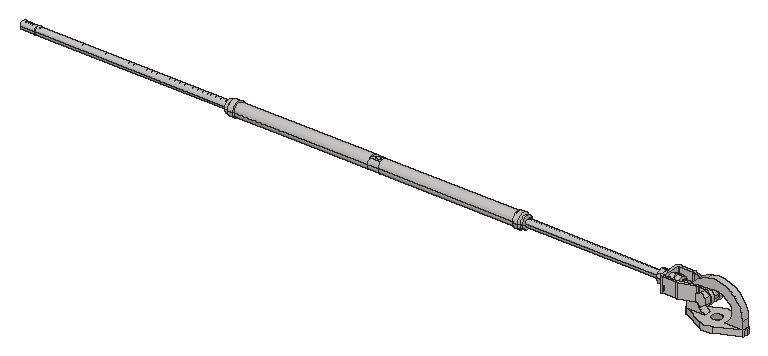
Revit family "LWplc_Latchways_FallArrstSymGddAnchrLine_MultiSpanSystem", category Specialty Equipment, host Face, Revit 2013
Parameters (values of type "FallArrestSystemGuidedAnchorLine_MultiSpanSystem_StartSet_Latchways")
  WarrantyStartDate [instance] = "1900-12-31T23:59:59"
  WarrantyGuarantorParts = "n/a"
  WarrantyGuarantorLabor = "n/a"
  WarrantyDurationUnit = "year"
  WarrantyDurationParts = "n/a"
  WarrantyDurationLabor = "n/a"
  WarrantyDescription = "n/a"
  Version = "1"  # constant formula
  Uniclass2 = "Ss_80_30_25_35"
  URL = "www.latchways.com"
  Type1IntermediateMaterial = LWplc_Latchways_StainlessSteel_MarineGrade316
  Type1Intermediate = no
  Type Comments = "n/a"
  ThreadedSwageMaterial = LWplc_Latchways_StainlessSteel_MarineGrade316
  ThreadedSwage = yes
  TagNumber [instance] = "n/a"
  SwageSlipIndicatorMaterial = LWplc_Latchways_StainlessSteel_MarineGrade316
  SustainabilityPerformance = "n/a"
  StartSetSwageSlipIndicator = yes
  Size = "n/a"
  SingleSpanTrolleyMaterial = LWplc_Latchways_StainlessSteel_MarineGrade316
  RodMaterial = LWplc_Latchways_StainlessSteel_MarineGrade316
  OverheadDeviceType1Material = LWplc_Latchways_StainlessSteel_MarineGrade316
  OverheadDeviceType1 = no
  Shape = "n/a"
  ServiceLifeDuration = "n/a"
  SerialNumber [instance] = "n/a"
  Revision = "n/a"
  ReplacementCost = "n/a"
  Reference = "n/a"
  ProductInformation = "www.latchways.com/BIM/Latchways_OverheadSystem_SingleSpan_Multispan_StartSet.pdf"
  NominalWidth = 0 mm
  NominalLength = 0 mm
  NominalHeight = 0 mm
  Name = "FallArrestSystemGuidedAnchorLine_MultiSpanSystem_StartSet_Latchways"
  NBSReference = "80-50-25/110"
  NBSNote = "n/a"
  NBSDescription = "Fall arrest system - guided anchor line"
  ModelReference = "Overhead system Multispan"
  ModelNumber = "n/a"
  Model = "n/a"
  Material = "All critical components are manufactured from stainless steel grade 316"
  ManufacturerURL = "www.latchways.com"
  ManufacturerName = "Latchways plc"
  Manufacturer = "info@latchways.com"
  LongRunLineTenserMaterial = LWplc_Latchways_StainlessSteel_MarineGrade316
  LongRunLineTenser = yes
  Keynote = ""
  InstallationDate [instance] = "1900-12-31T23:59:59"
  IfcExportType = "IfcTransportElement"  # constant formula
  IfcExportAs = "NOTDEFINED"  # constant formula
  HeavyDutyDRingMaterial = LWplc_Latchways_StainlessSteel_MarineGrade316
  HeavyDutyDRing = yes
  Grade = "n/a"
  FireExit = no
  Finish = "n/a"
  Features = "n/a"
  ExtendedTurnbuckleBodyMaterial = LWplc_Latchways_StainlessSteel_MarineGrade316
  ExtendedTurnbuckleBody = yes
  ExpectedLife = "n/a"
  EnergyAbsorberMaterial = LWplc_Latchways_PVCu_Vinakon_Black
  EnergyAbsorber = no
  EndSetSwageSlipIndicator = no
  DurationUnit = "year"
  Description = "Latchways’ overhead systems combine revolutionary Constant\nForce® technology with an innovative mobile anchorage device. With the capacity for multiple workers to be attached, the system offers unhindered mobilty and continuous, hands-free security whilst\nworking at height. System compliant with latest EN 795 standard"
  Default Elevation = 1219.2 mm
  Constituents = "n/a"
  Color = "n/a"
  CodePerformance = "n/a"
  Category = "n/a"
  BoltMaterial = LWplc_Latchways_StainlessSteel_MarineGrade316
  BarCode [instance] = "n/a"
  BIMObjectName = "LWplc_Latchways_FallArrestSystemGuidedAnchorLine_MultiSpanSystem_StartSet"
  Author = "Latchways plc"  # constant formula
  AssetType = "Fixed"
  AssetIdentifier [instance] = "n/a"
  AccessibilityPerformance = "n/a"
Types (4, lengths in mm): name | Type1Intermediate | ThreadedSwage | StartSetSwageSlipIndicator | OverheadDeviceType1 | ProductInformation | Name | LongRunLineTenser | HeavyDutyDRing | ExtendedTurnbuckleBody | EnergyAbsorber | EndSetSwageSlipIndicator | Description | BIMObjectName
  FallArrestSystemGuidedAnchorLine_MultiSpanSystem_EndSet_Latchways | no | no | no | no | "www.latchways.com/BIM/Latchways_OverheadSystem_SingleSpan_Multispan_EndSet.pdf" | "FallArrestSystemGuidedAnchorLine_MultiSpanSystem_EndSet_Latchways" | no | yes | no | yes | yes | "Latchways’ overhead systems combine revolutionary Constant\r\nForce® technology with an innovative mobile anchorage device. With the capacity for multiple workers to be attached, the system offers unhindered mobilty and continuous, hands-free security whilst\r\nworking at height. System compliant with latest EN 795 standard" | "LWplc_Latchways_FallArrestSystemGuidedAnchorLine_MultiSpanSystem_EndSet\r\nLWplc_Latchways_FallArrestSystemGuidedAnchorLine_MultiSpanSystem_EndSet"
  FallArrestSystemGuidedAnchorLine_MultiSpanSystem_MultiSpanTrolley_Latchways | no | no | no | yes | "www.latchways.com/BIM/Latchways_OverheadSystem_Multispan_Trolley.pdf" | "FallArrestSystemGuidedAnchorLine_MultiSpanSystem_MultiSpanTrolley_Latchways" | no | no | no | no | no | "Latchways’ overhead systems combine revolutionary Constant\r\nForce® technology with an innovative mobile anchorage device. With the capacity for multiple workers to be attached, the system offers unhindered mobilty and continuous, hands-free security whilst\r\nworking at height. System compliant with latest EN 795 standard" | "LWplc_Latchways_FallArrestSystemGuidedAnchorLine_MultiSpanSystem_MultiSpanTrolley"
  FallArrestSystemGuidedAnchorLine_MultiSpanSystem_StartSet_Latchways | no | yes | yes | no | "www.latchways.com/BIM/Latchways_OverheadSystem_SingleSpan_Multispan_StartSet.pdf" | "FallArrestSystemGuidedAnchorLine_MultiSpanSystem_StartSet_Latchways" | yes | yes | yes | no | no | "Latchways’ overhead systems combine revolutionary Constant\nForce® technology with an innovative mobile anchorage device. With the capacity for multiple workers to be attached, the system offers unhindered mobilty and continuous, hands-free security whilst\nworking at height. System compliant with latest EN 795 standard" | "LWplc_Latchways_FallArrestSystemGuidedAnchorLine_MultiSpanSystem_StartSet"
  FallArrestSystemGuidedAnchorLine_MultiSpanSystem_IntermediateSet_Latchways | yes | no | no | no | "www.latchways.com/BIM/Latchways_OverheadSystem_Multispan_IntermediateSet.pdf" | "FallArrestSystemGuidedAnchorLine_MultiSpanSystem_IntermediateSet_Latchways" | no | no | no | no | no | "Latchways’ overhead systems combine revolutionary Constant\r\nForce® technology with an innovative mobile anchorage device. With the capacity for multiple workers to be attached, the system offers unhindered mobilty and continuous, hands-free security whilst\r\nworking at height. System compliant with latest EN 795 standard" | "LWplc_Latchways_FallArrestSystemGuidedAnchorLine_MultiSpanSystem_IntermediateSet"
Reference planes
  plane 1 "Center (Front/Back)": y = 0
  plane 2: z = 0
  plane 3 "Center (Left/Right)": x = 0
Dimensions and locks
  aligned and locked: plane 2 to host face
  aligned and locked: level to host face
  aligned and locked: nested 1 to plane 2
Nested families
  nested 1: "LWplc_Latchways_FallArrstSymGddAnchrLine_HeavyDutyD-Ring" at (0, 0.469, 0) x (0, 1, 0) z (0, 0, 1), visible <- "HeavyDutyDRing", type "HeavyDutyD-Ring_Latchways"
  nested 2: "LWplc_Latchways_FallArrstSymGddAnchrLine_EnergyAbsorber" at (189.375, 0, 10.313) x (-1, 0, 0) z (0, 0, 1), visible <- "EnergyAbsorber", type "EnergyAbsorber_Latchways"
  nested 3: "LWplc_Latchways_FallArrstSymGddAnchrLine_SwageSlipIndicator" at (432.72, 0, 41.967) x (0, 0, 1) z (1, 0, 0), visible <- "EndSetSwageSlipIndicator", type "SwageSlipIndicator_Latchways"
  nested 4: "LWplc_Latchways_FallArrstSymGddAnchrLine_LongRunLineTenser" at (-51.406, -0.156, 10.313) x (-1, 0, 0) z (0, 0, 1), visible <- "LongRunLineTenser", type "LongRunLineTenser_Latchways"
  nested 5: "LWplc_Latchways_FallArrstSymGddAnchrLine_TurnBuckleBody" at (-332.707, -0.156, 42.219) x (0, 0, 1) z (-1, 0, 0), visible <- "ExtendedTurnbuckleBody", type "TurnBuckleBody_Latchways"
  nested 6: "LWplc_Latchways_FallArrstSymGddAnchrLine_ThreadedSwage" at (-854.707, -0.156, 42.118) x (0, 0, 1) z (-1, 0, 0), visible <- "ThreadedSwage", type "FallArrestSystemGuidedAnchorLine_ThreadedSwage_Latchways"
  nested 7: "LWplc_Latchways_FallArrstSymGddAnchrLine_SwageSlipIndicator" at (-1191.707, -0.156, 42.391) x (0, 0, -1) z (-1, 0, 0), visible <- "StartSetSwageSlipIndicator", type "SwageSlipIndicator_Latchways"
  nested 8: "LWplc_Latchways_FallArrstSymGddAnchrLine_MultiSpanSystem_Type1Intermediate" at (0, 0, 0) x (-1, 0, 0) z (0, 0, 1), visible <- "Type1Intermediate", type "Type1Intermediate_Latchways"
  nested 9: "LWplc_Latchways_FallArrstSymGddAnchrLine_MultiSpanSystem_OverheadDeviceType1" at (0, 0, 0.008), visible <- "OverheadDeviceType1", type "OverheadDeviceType1_Latchways"
Definition of nested family "LWplc_Latchways_FallArrstSymGddAnchrLine_HeavyDutyD-Ring"
  Parameters (values of type "HeavyDutyD-Ring_Latchways")
    D-RingMaterial = LWplc_Latchways_StainlessSteel_MarineGrade316
    D-RingVisible [instance] = yes
  Reference planes
    plane 1 "Center (Front/Back)": y = 0
    plane 2: z = 0
    plane 3 "Center (Left/Right)": x = 0
    plane 4: z = 10
    plane 5: y = 50.785
    plane 6: y = -51.526
  Forms (mm)
    Extrusion 1, solid, material "LWplc_Latchways_StainlessSteel_MarineGrade316" <- "D-RingMaterial", visible <- "D-RingVisible", detail levels medium+fine
      sketch origin (0, 0, 0) x (1, 0, 0) y (0, 1, 0)
        loop
          line (-24.815, -12.3) -> (-6.291, -49.853)
          arc (-6.291, -49.853) -> (-5.185, -51.074) -> (-3.601, -51.526) r 3
          line (-3.601, -51.526) -> (2.399, -51.526)
          arc (2.399, -51.526) -> (3.983, -51.074) -> (5.09, -49.853) r 3
          line (5.09, -49.853) -> (23.614, -12.3)
          arc (23.614, -12.3) -> (26.399, -0.352) -> (23.61, 11.596) r 27
          line (23.61, 11.596) -> (5.089, 49.113)
          arc (5.089, 49.113) -> (3.983, 50.333) -> (2.399, 50.785) r 3
          line (2.399, 50.785) -> (-3.601, 50.785)
          arc (-3.601, 50.785) -> (-5.184, 50.333) -> (-6.291, 49.113) r 3
          line (-6.291, 49.113) -> (-24.811, 11.596)
          arc (-24.811, 11.596) -> (-27.601, -0.352) -> (-24.815, -12.3) r 27
      from 0 to 10
    Extrusion 2, solid, material "LWplc_Latchways_StainlessSteel_MarineGrade316" <- "D-RingMaterial", visible <- "D-RingVisible"
      sketch origin (0, 535.467, 227.54) x (0, 1, 0) y (0, 0, 1)
        loop
          arc (-561.11, -182.619) -> (-535.818, -171.857) -> (-510.526, -182.619) r 35.1
          arc (-510.526, -182.619) -> (-507.087, -186.884) -> (-505.408, -192.099) r 15
          arc (-505.408, -192.099) -> (-507.841, -206.708) -> (-517.941, -217.54) r 25.661
          line (-517.941, -217.54) -> (-486.699, -217.54) -> (-486.699, -205.173)
          arc (-486.699, -205.173) -> (-497.091, -174.829) -> (-523.902, -157.227) r 49.497
          arc (-523.902, -157.227) -> (-566.124, -166.332) -> (-585.021, -205.173) r 49.366
          line (-585.021, -205.173) -> (-585.021, -217.54) -> (-553.695, -217.54)
          arc (-553.695, -217.54) -> (-563.795, -206.708) -> (-566.228, -192.099) r 25.661
          arc (-566.228, -192.099) -> (-564.55, -186.884) -> (-561.11, -182.619) r 15
      from -6.598 to 5.392
    Blend 3, void, detail levels medium+fine
      base sketch origin (0, 0, 0) x (1, 0, 0) y (0, 1, 0)
        loop
          circle (-0.625, -0.312) r 13.605
      top sketch origin (0, 0, 0) x (1, 0, 0) y (0, 1, 0)
        loop
          circle (-0.625, -0.312) r 8.974
      from 0 to 10
    Extrusion 4, solid, material "LWplc_Latchways_StainlessSteel_MarineGrade316" <- "D-RingMaterial", visible <- "D-RingVisible", detail levels coarse
      sketch origin (0, 0, 0) x (1, 0, 0) y (0, 1, 0)
        loop
          line (4.265, -51.526) -> (23.614, -12.3) -> (23.614, 11.588) -> (4.264, 50.785) -> (-5.465, 50.785) -> (-25, 11.213) -> (-25, -11.925) -> (-5.466, -51.526) -> (4.265, -51.526)
      from 0 to 10
  Cuts and joins
    Blend 3 cuts Extrusion 1
    Blend 3 cuts Extrusion 2
  Dimensions and locks
    aligned and locked: level to plane 2
    aligned and locked: plane 5 to Extrusion 1
    aligned and locked: plane 6 to Extrusion 1
    aligned and locked: Extrusion 2 to plane 4  (x2)
Definition of nested family "LWplc_Latchways_FallArrstSymGddAnchrLine_EnergyAbsorber"
  Parameters (values of type "EnergyAbsorber_Latchways")
    RodMaterial = LWplc_Latchways_StainlessSteel_MarineGrade316
    EnergyAbsorberVisible [instance] = yes
    EnergyAbsorberMaterial = LWplc_Latchways_PVCu_Vinakon_Black
    BoltMaterial = LWplc_Latchways_StainlessSteel_MarineGrade316
  Reference planes
    plane 1 "Center (Front/Back)": y = 0
    plane 2: z = 0
    plane 3 "Center (Left/Right)": x = 0
  Forms (mm)
    Extrusion 1, solid, material "LWplc_Latchways_PVCu_Vinakon_Black" <- "EnergyAbsorberMaterial", visible <- "EnergyAbsorberVisible", detail levels medium+fine
      sketch origin (0, 27.839, 0) x (1, 0, 0) y (0, 0, 1)
        loop
          line (-141.559, 32.09) -> (-140.796, 10.258)
          arc (-140.796, 10.258) -> (-136.948, 2.9) -> (-128.802, 1.29) r 9.607
          line (-128.802, 1.29) -> (-128.802, 5.402) -> (-108.802, 5.402) -> (-108.802, 0.591) -> (43.394, 0.591) -> (43.394, 5.746) -> (45.975, 5.729) -> (46.19, -0.41) -> (99.851, 1.464)
          arc (99.851, 1.464) -> (100.951, 1.919) -> (101.407, 3.019) r 1.555
          line (101.407, 3.019) -> (101.352, 4.583)
          arc (101.352, 4.583) -> (101.635, 5.267) -> (102.319, 5.55) r 0.967
          line (102.319, 5.55) -> (125.316, 6.353)
          arc (125.316, 6.353) -> (126.782, 6.96) -> (127.389, 8.427) r 2.074
          line (127.389, 8.427) -> (127.335, 9.99)
          arc (127.335, 9.99) -> (127.618, 10.674) -> (128.301, 10.957) r 0.967
          line (128.301, 10.957) -> (140.827, 11.395)
          arc (140.827, 11.395) -> (142.082, 11.895) -> (142.732, 13.08) r 2
          arc (142.732, 13.08) -> (143.858, 22.555) -> (144.234, 32.09) r 121.069
          arc (144.234, 32.09) -> (143.858, 41.624) -> (142.732, 51.099) r 121.069
          arc (142.732, 51.099) -> (142.082, 52.284) -> (140.827, 52.784) r 2
          line (140.827, 52.784) -> (128.301, 53.222)
          arc (128.301, 53.222) -> (127.618, 53.505) -> (127.335, 54.189) r 0.967
          line (127.335, 54.189) -> (127.389, 55.752)
          arc (127.389, 55.752) -> (126.782, 57.219) -> (125.316, 57.826) r 2.074
          line (125.316, 57.826) -> (102.319, 58.629)
          arc (102.319, 58.629) -> (101.635, 58.912) -> (101.352, 59.596) r 0.967
          line (101.352, 59.596) -> (101.407, 61.16)
          arc (101.407, 61.16) -> (100.951, 62.26) -> (99.851, 62.715) r 1.555
          line (99.851, 62.715) -> (46.19, 64.589) -> (45.975, 58.45) -> (43.394, 58.433) -> (43.394, 63.589) -> (-108.802, 63.589) -> (-108.802, 58.777) -> (-128.802, 58.777) -> (-128.802, 62.889)
          arc (-128.802, 62.889) -> (-136.948, 61.279) -> (-140.796, 53.921) r 9.607
          line (-140.796, 53.921) -> (-141.559, 32.09)
      from -6.643 to 62.32
    Extrusion 2, solid, material "LWplc_Latchways_PVCu_Vinakon_Black" <- "EnergyAbsorberMaterial", visible <- "EnergyAbsorberVisible"
      sketch origin (0, 27.839, 0) x (1, 0, 0) y (0, 1, 0)
        loop
          line (-78.744, 6.643) -> (38.592, 6.643)
          arc (38.592, 6.643) -> (-20.076, 40.314) -> (-78.744, 6.643) r 67.946
        loop
          line (38.349, -62.32) -> (-78.501, -62.32)
          arc (-78.501, -62.32) -> (-20.076, -95.579) -> (38.349, -62.32) r 67.946
      from 1.29 to 62.715
    Extrusion 3, solid, material "LWplc_Latchways_PVCu_Vinakon_Black" <- "EnergyAbsorberMaterial", visible <- "EnergyAbsorberVisible", detail levels coarse
      sketch origin (0, 27.839, 0) x (1, 0, 0) y (0, 0, 1)
        loop
          line (-140.796, 53.921) -> (-141.559, 32.09) -> (-140.796, 10.258)
          arc (-140.796, 10.258) -> (-136.948, 2.9) -> (-128.802, 1.29) r 9.607
          line (-128.802, 1.29) -> (-128.802, 5.402) -> (-108.802, 5.402) -> (-108.802, 0.591) -> (101.352, 0.591) -> (101.352, 5.516) -> (127.389, 6.425) -> (127.389, 11.452) -> (142.462, 11.452)
          arc (142.462, 11.452) -> (143.79, 21.733) -> (144.234, 32.09) r 121.069
          arc (144.234, 32.09) -> (143.79, 42.446) -> (142.462, 52.727) r 121.069
          line (142.462, 52.727) -> (127.389, 52.727) -> (127.389, 57.754) -> (101.352, 58.663) -> (101.352, 63.589) -> (-108.802, 63.589) -> (-108.802, 58.777) -> (-128.802, 58.777) -> (-128.802, 62.889)
          arc (-128.802, 62.889) -> (-136.948, 61.279) -> (-140.796, 53.921) r 9.607
      from -6.643 to 62.32
    Extrusion 4, solid, material "LWplc_Latchways_StainlessSteel_MarineGrade316" <- "BoltMaterial", visible <- "EnergyAbsorberVisible"
      sketch origin (-1.875, 27.839, 0) x (1, 0, 0) y (0, 0, 1)
        loop
          line (145.113, 16.591) -> (176.117, 16.591)
          arc (176.117, 16.591) -> (191.117, 31.591) -> (176.117, 46.591) r 15
          line (176.117, 46.591) -> (145.238, 46.591)
          arc (145.238, 46.591) -> (145.891, 39.355) -> (146.109, 32.091) r 121.069
          arc (146.109, 32.091) -> (145.86, 24.324) -> (145.113, 16.591) r 121.069
      from 16.254 to 21.254
    Extrusion 5, solid, material "LWplc_Latchways_StainlessSteel_MarineGrade316" <- "BoltMaterial", visible <- "EnergyAbsorberVisible"
      sketch origin (-1.875, 9.906, 0) x (1, 0, 0) y (0, 0, 1)
        loop
          line (145.113, 16.591) -> (176.117, 16.591)
          arc (176.117, 16.591) -> (191.117, 31.591) -> (176.117, 46.591) r 15
          line (176.117, 46.591) -> (145.237, 46.591)
          arc (145.237, 46.591) -> (145.891, 39.354) -> (146.109, 32.09) r 121.069
          arc (146.109, 32.09) -> (145.86, 24.324) -> (145.113, 16.591) r 121.069
      from 16.254 to 21.254
    Extrusion 6, solid, material "LWplc_Latchways_StainlessSteel_MarineGrade316" <- "BoltMaterial", visible <- "EnergyAbsorberVisible", detail levels medium+fine
      sketch origin (0, 0, 0) x (1, 0, 0) y (0, 0, 1)
        loop
          circle (172.655, 31.654) r 5.9
      from -6.585 to 6.348
    Extrusion 7, solid, material "LWplc_Latchways_StainlessSteel_MarineGrade316" <- "BoltMaterial", visible <- "EnergyAbsorberVisible", detail levels medium+fine
      sketch origin (0, 0, 0) x (1, 0, 0) y (0, 0, 1)
        loop
          line (161.884, 31.704) -> (167.313, 22.301) -> (177.997, 22.301) -> (183.426, 31.704) -> (177.997, 41.007) -> (167.313, 41.007) -> (161.884, 31.704)
      from 11.348 to 18.933
    Extrusion 8, solid, material "LWplc_Latchways_StainlessSteel_MarineGrade316" <- "BoltMaterial", visible <- "EnergyAbsorberVisible", detail levels medium+fine
      sketch origin (0, 30.518, 0) x (1, 0, 0) y (0, 0, 1)
        loop
          line (161.884, 31.704) -> (167.313, 22.301) -> (177.997, 22.301) -> (183.426, 31.704) -> (177.997, 41.007) -> (167.313, 41.007) -> (161.884, 31.704)
      from 11.348 to 18.933
    Extrusion 9, solid, material "LWplc_Latchways_StainlessSteel_MarineGrade316" <- "BoltMaterial", visible <- "EnergyAbsorberVisible", detail levels medium+fine
      sketch origin (-130.211, 172.659, 0) x (0, -1, 0) y (0, 0, 1)
        loop
          line (161.884, 31.704) -> (167.313, 22.301) -> (177.997, 22.301) -> (183.426, 31.704) -> (177.997, 41.007) -> (167.313, 41.007) -> (161.884, 31.704)
      from 11.348 to 22.691
    Revolve 10, solid, material "LWplc_Latchways_StainlessSteel_MarineGrade316" <- "RodMaterial", visible <- "EnergyAbsorberVisible"
      sketch origin (0, 0, 0) x (1, 0, 0) y (0, 0, 1)
        loop
          line (-243.345, 31.654) -> (-141.559, 31.654) -> (-141.559, 37.954) -> (-239.845, 37.954) -> (-243.345, 37.016) -> (-243.345, 31.654)
        axis (-141.559, 31.654) -> (-243.345, 31.654)
      angle from 0 to 360
  Dimensions and locks
    aligned and locked: level to plane 2
    aligned and locked: Extrusion 1 to Extrusion 3  (x2)
    aligned and locked: Extrusion 2 to Extrusion 1  (x2)
Definition of nested family "LWplc_Latchways_FallArrstSymGddAnchrLine_SwageSlipIndicator"
  Parameters (values of type "SwageSlipIndicator_Latchways")
    SwageSlipVisible [instance] = yes
    SwageSlipMaterial = LWplc_Latchways_StainlessSteel_MarineGrade316
    SwageSlipLength = 25 mm
    Default Elevation = 1219.2 mm
  Reference planes
    plane 1 "Center (Front/Back)": y = 0
    plane 2: z = 0
    plane 3 "Center (Left/Right)": x = 0
    plane 4: z = 25
    plane 5: z = 21.622
    plane 6: z = 3.378
    plane 7: z = 12.5
  Forms (mm)
    Extrusion 1, solid, material "LWplc_Latchways_StainlessSteel_MarineGrade316" <- "SwageSlipMaterial", visible <- "SwageSlipVisible"
      sketch origin (0, 0, 12.5) x (0, 1, 0) y (-1, 0, 0)
        loop
          circle (0, 0) r 6.35
      from -12.5 to 12.5
    Extrusion 2, void
      sketch origin (0, 0, 12.5) x (0, 1, 0) y (-1, 0, 0)
        loop
          circle (0, 0) r 4.75
      from -9.122 to 9.122
    Blend 3, void
      base sketch origin (0, 0, 12.5) x (0, 1, 0) y (-1, 0, 0)
        loop
          circle (0, 0) r 5.55
      top sketch origin (0, 0, 12.5) x (0, 1, 0) y (-1, 0, 0)
        loop
          circle (0, 0) r 4.75
      from -12.5 to -9.122
    Blend 4, void
      base sketch origin (0, 0, 0) x (1, 0, 0) y (0, 1, 0)
        loop
          circle (0, 0) r 4.75
      top sketch origin (0, 0, 0) x (1, 0, 0) y (0, 1, 0)
        loop
          circle (0, 0) r 5.55
      from 21.622 to 25
  Cuts and joins
    Extrusion 2, Blend 3, Blend 4 cuts Extrusion 1
  Dimensions and locks
    aligned and locked: level to plane 2
    aligned and locked: Blend 4 to plane 5
    aligned and locked: plane 4 to Blend 4
Definition of nested family "LWplc_Latchways_FallArrstSymGddAnchrLine_LongRunLineTenser"
  Parameters (values of type "LongRunLineTenser_Latchways")
    LongRunLineTenserVisible [instance] = yes
    LongRunLineTenserMaterial = LWplc_Latchways_StainlessSteel_MarineGrade316
  Reference planes
    plane 1 "Center (Front/Back)": y = 0
    plane 2: z = 0
    plane 3 "Center (Left/Right)": x = 0
  Forms (mm)
    Extrusion 1, solid, material "LWplc_Latchways_StainlessSteel_MarineGrade316" <- "LongRunLineTenserMaterial", visible <- "LongRunLineTenserVisible"
      sketch origin (0, 0, 19.1) x (1, 0, 0) y (0, 1, 0)
        loop
          arc (-28.06, 6.144) -> (-25.728, 6.327) -> (-23.453, 6.869) r 15
          line (-23.453, 6.869) -> (2.645, 15.292)
          arc (2.645, 15.292) -> (4.327, 15.743) -> (6.062, 15.894) r 10
          line (6.062, 15.894) -> (27.801, 15.894)
          arc (27.801, 15.894) -> (28.861, 15.455) -> (29.301, 14.394) r 1.5
          line (29.301, 14.394) -> (29.301, -14.606)
          arc (29.301, -14.606) -> (28.861, -15.666) -> (27.801, -16.106) r 1.5
          line (27.801, -16.106) -> (6.062, -16.106)
          arc (6.062, -16.106) -> (4.327, -15.954) -> (2.645, -15.504) r 10
          line (2.645, -15.504) -> (-23.453, -7.081)
          arc (-23.453, -7.081) -> (-25.728, -6.538) -> (-28.06, -6.356) r 15
          line (-28.06, -6.356) -> (-28.06, -11.356)
          arc (-28.06, -11.356) -> (-26.919, -11.361) -> (-25.784, -11.475) r 12.009
          arc (-25.784, -11.475) -> (-24.963, -11.638) -> (-24.16, -11.869) r 10
          line (-24.16, -11.869) -> (1.93, -20.565)
          arc (1.93, -20.565) -> (3.442, -20.97) -> (5.001, -21.106) r 9
          line (5.001, -21.106) -> (27.801, -21.106)
          arc (27.801, -21.106) -> (32.397, -19.202) -> (34.301, -14.606) r 6.5
          line (34.301, -14.606) -> (34.301, 14.394)
          arc (34.301, 14.394) -> (32.397, 18.991) -> (27.801, 20.894) r 6.5
          line (27.801, 20.894) -> (5.001, 20.894)
          arc (5.001, 20.894) -> (3.442, 20.758) -> (1.93, 20.354) r 9
          line (1.93, 20.354) -> (-24.16, 11.658)
          arc (-24.16, 11.658) -> (-25.483, 11.315) -> (-26.84, 11.156) r 10
          arc (-26.84, 11.156) -> (-27.45, 11.144) -> (-28.06, 11.156) r 15.3
          line (-28.06, 11.156) -> (-28.06, 6.144)
      from 0 to 25
    Extrusion 2, solid, material "LWplc_Latchways_StainlessSteel_MarineGrade316" <- "LongRunLineTenserMaterial", visible <- "LongRunLineTenserVisible"
      sketch origin (0, 0, 19.1) x (1, 0, 0) y (0, 0, 1)
        loop
          line (-28.06, 25) -> (-38.999, 25)
          arc (-38.999, 25) -> (-51.499, 12.5) -> (-38.999, 0) r 12.5
          line (-38.999, 0) -> (-28.06, 0) -> (-28.06, 25)
      from 6.356 to 11.406
    Extrusion 3, solid, material "LWplc_Latchways_StainlessSteel_MarineGrade316" <- "LongRunLineTenserMaterial", visible <- "LongRunLineTenserVisible"
      sketch origin (0, 17.512, 19.1) x (1, 0, 0) y (0, 0, 1)
        loop
          line (-28.06, 25) -> (-38.999, 25)
          arc (-38.999, 25) -> (-51.499, 12.5) -> (-38.999, 0) r 12.5
          line (-38.999, 0) -> (-28.06, 0) -> (-28.06, 25)
      from 6.356 to 11.406
    Extrusion 4, solid, material "LWplc_Latchways_StainlessSteel_MarineGrade316" <- "LongRunLineTenserMaterial", visible <- "LongRunLineTenserVisible"
      sketch origin (0, 0, 19.1) x (1, 0, 0) y (0, 0, 1)
        loop
          line (-48.052, 17.871) -> (-48.052, 7.129) -> (-38.674, 1.714) -> (-29.346, 7.129) -> (-29.346, 17.9) -> (-38.724, 23.286) -> (-48.052, 17.871)
      from 11.406 to 18.856
    Extrusion 5, solid, material "LWplc_Latchways_StainlessSteel_MarineGrade316" <- "LongRunLineTenserMaterial", visible <- "LongRunLineTenserVisible"
      sketch origin (0, 30.012, 19.1) x (1, 0, 0) y (0, 0, 1)
        loop
          line (-48.052, 17.871) -> (-48.052, 7.129) -> (-38.674, 1.714) -> (-29.346, 7.129) -> (-29.346, 17.9) -> (-38.724, 23.286) -> (-48.052, 17.871)
      from 10.171 to 18.856
    Extrusion 6, solid, material "LWplc_Latchways_StainlessSteel_MarineGrade316" <- "LongRunLineTenserMaterial", visible <- "LongRunLineTenserVisible", detail levels medium+fine
      sketch origin (0, 0, 19.1) x (1, 0, 0) y (0, 0, 1)
        loop
          circle (-38.799, 12.5) r 8.9
      from -6.106 to 6.356
    Extrusion 7, solid, material "LWplc_Latchways_StainlessSteel_MarineGrade316" <- "LongRunLineTenserMaterial", visible <- "LongRunLineTenserVisible", detail levels medium+fine
      sketch origin (0, 0, 19.1) x (0, 1, 0) y (0, 0, 1)
        loop
          circle (0, 12.218) r 12
      from 34.301 to 36.001
    Extrusion 8, solid, material "LWplc_Latchways_StainlessSteel_MarineGrade316" <- "LongRunLineTenserMaterial", visible <- "LongRunLineTenserVisible", detail levels medium+fine
      sketch origin (0, -0.078, 19.1) x (0, 1, 0) y (0, 0, 1)
        loop
          line (11, 12.378) -> (7.778, 20.157) -> (0, 23.378) -> (-7.778, 20.157) -> (-11, 12.378) -> (-7.778, 4.6) -> (0, 1.378) -> (7.778, 4.6) -> (11, 12.378)
      from 36.001 to 46.101
    Extrusion 9, solid, material "LWplc_Latchways_StainlessSteel_MarineGrade316" <- "LongRunLineTenserMaterial", visible <- "LongRunLineTenserVisible"
      sketch origin (-16.878, -0.078, 19.1) x (0, 1, 0) y (0, 0, 1)
        loop
          line (11, 12.378) -> (7.778, 20.157) -> (0, 23.378) -> (-7.778, 20.157) -> (-11, 12.378) -> (-7.778, 4.6) -> (0, 1.378) -> (7.778, 4.6) -> (11, 12.378)
      from 36.179 to 46.179
    Extrusion 10, solid, material "LWplc_Latchways_StainlessSteel_MarineGrade316" <- "LongRunLineTenserMaterial", visible <- "LongRunLineTenserVisible"
      sketch origin (-26.878, -0.078, 19.1) x (0, 1, 0) y (0, 0, 1)
        loop
          line (11, 12.378) -> (7.778, 20.157) -> (0, 23.378) -> (-7.778, 20.157) -> (-11, 12.378) -> (-7.778, 4.6) -> (0, 1.378) -> (7.778, 4.6) -> (11, 12.378)
      from 36.179 to 46.179
    Extrusion 11, solid, material "LWplc_Latchways_StainlessSteel_MarineGrade316" <- "LongRunLineTenserMaterial", visible <- "LongRunLineTenserVisible"
      sketch origin (0, 0, 19.1) x (0, 1, 0) y (0, 0, 1)
        loop
          circle (0, 12.837) r 6
        loop
          circle (0, 12.837) r 5.5
      from 34.301 to 281.301
    Extrusion 12, solid, material "LWplc_Latchways_StainlessSteel_MarineGrade316" <- "LongRunLineTenserMaterial", visible <- "LongRunLineTenserVisible"
      sketch origin (-350, -0.078, 19.1) x (0, 1, 0) y (0, 0, 1)
        loop
          circle (0, 12.837) r 6
      from 349.301 to 359.301
    Extrusion 13, void, detail levels medium+fine
      sketch origin (0, 0, 19.1) x (1, 0, 0) y (0, 1, 0)
        loop
          circle (4.045, 0) r 2
      from 5.314 to 20.157
  Cuts and joins
    Extrusion 13 cuts Extrusion 12
  Dimensions and locks
    aligned and locked: level to plane 2
    aligned and locked: Extrusion 6 to Extrusion 1
    aligned and locked: Extrusion 6 to Extrusion 3
    aligned and locked: Extrusion 12 to Extrusion 10
    aligned and locked: Extrusion 11 to Extrusion 1
Definition of nested family "LWplc_Latchways_FallArrstSymGddAnchrLine_TurnBuckleBody"
  Parameters (values of type "TurnBuckleBody_Latchways")
    TurnBuckleBodyVisible [instance] = yes
    TurnBuckleBodyMaterial = LWplc_Latchways_StainlessSteel_MarineGrade316
    TurnBuckleBodyLength = 522 mm
    Default Elevation = 1219.2 mm
  Reference planes
    plane 1 "Center (Front/Back)": y = 0
    plane 2: z = 0
    plane 3 "Center (Left/Right)": x = 0
    plane 4: z = 522
    plane 5: z = 506.271
    plane 6: z = 16
    plane 7: z = 261
    plane 8: z = 270.668
    plane 9: z = 251.642
  Forms (mm)
    Revolve 1, solid, material "LWplc_Latchways_StainlessSteel_MarineGrade316" <- "TurnBuckleBodyMaterial", visible <- "TurnBuckleBodyVisible", detail levels medium+fine
      sketch origin (0, 0, 261.271) x (0, 0, -1) y (0, -1, 0)
        loop
          line (-245, -12.717) -> (-245, 0) -> (-260.729, 0) -> (-260.729, -10.471) -> (-255.929, -10.471) -> (-253.907, -12.717) -> (-245, -12.717)
        axis (-245, 0) -> (-260.729, 0)
      angle from 0 to 360
    Extrusion 2, solid, material "LWplc_Latchways_StainlessSteel_MarineGrade316" <- "TurnBuckleBodyMaterial", visible <- "TurnBuckleBodyVisible", detail levels medium+fine
      sketch origin (0, 0, 261) x (0, 1, 0) y (-1, 0, 0)
        loop
          circle (0, 0) r 11.2
      from -245 to -9.358
    Extrusion 3, solid, material "LWplc_Latchways_StainlessSteel_MarineGrade316" <- "TurnBuckleBodyMaterial", visible <- "TurnBuckleBodyVisible", detail levels medium+fine
      sketch origin (0, 0, 261) x (0, 1, 0) y (-1, 0, 0)
        loop
          line (0, 9.612) -> (-5.749, 9.612)
          arc (-5.749, 9.612) -> (-9.742, 5.525) -> (-11.2, 0) r 11.2
          arc (-11.2, 0) -> (-9.845, -5.34) -> (-6.108, -9.388) r 11.2
          line (-6.108, -9.388) -> (0, -9.388) -> (6.108, -9.388)
          arc (6.108, -9.388) -> (9.845, -5.34) -> (11.2, 0) r 11.2
          arc (11.2, 0) -> (9.742, 5.525) -> (5.749, 9.612) r 11.2
          line (5.749, 9.612) -> (0, 9.612)
      from 9.668 to -9.358
    Extrusion 4, void, detail levels medium+fine
      sketch origin (0, 0, 261) x (0, 0, 1) y (0, 1, 0)
        loop
          circle (-0.02, 0.138) r 4.15
      from -34.935 to 40
    Revolve 5, solid, material "LWplc_Latchways_StainlessSteel_MarineGrade316" <- "TurnBuckleBodyMaterial", visible <- "TurnBuckleBodyVisible", detail levels medium+fine
      sketch origin (0, 0, 260.729) x (0, 0, 1) y (0, 1, 0)
        loop
          line (-244.729, 12.717) -> (-253.907, 12.717) -> (-255.929, 10.471) -> (-260.729, 10.471) -> (-260.729, 0) -> (-244.729, 0) -> (-244.729, 12.717)
        axis (-244.729, 0) -> (-260.729, 0)
      angle from 0 to 360
    Extrusion 6, solid, material "LWplc_Latchways_StainlessSteel_MarineGrade316" <- "TurnBuckleBodyMaterial", visible <- "TurnBuckleBodyVisible", detail levels coarse
      sketch origin (0, 0, 261) x (0, 1, 0) y (-1, 0, 0)
        loop
          circle (0, 0) r 11.2
      from -261 to 261
    Extrusion 7, solid, material "LWplc_Latchways_StainlessSteel_MarineGrade316" <- "TurnBuckleBodyMaterial", visible <- "TurnBuckleBodyVisible", detail levels medium+fine
      sketch origin (0, 0, 216.55) x (1, 0, 0) y (0, 1, 0)
        loop
          circle (0, 0) r 11.2
      from 54.118 to 289.722
  Cuts and joins
    Extrusion 4 cuts Extrusion 3
    joined: Extrusion 2, Extrusion 3, Extrusion 7
  Dimensions and locks
    locked: plane 4 to plane 5 at 15.729
    equal spacing: plane 4, plane 7, plane 2
    "TurnBuckleBodyLength": plane 4 to plane 2
    plane 8 to plane 7 to plane 9 = 9.668 mm locked, 9.358 mm locked
    aligned and locked: level to plane 2
    aligned and locked: plane 4 to Revolve 1
    aligned and locked: plane 5 to Revolve 1
    aligned and locked: Revolve 5 to plane 2
    aligned and locked: plane 6 to Revolve 5
    aligned and locked: plane 6 to cut or joined group of Extrusion 2, Extrusion 3, Extrusion 4, Extrusion 7
    aligned and locked: cut or joined group of Extrusion 2, Extrusion 3, Extrusion 4, Extrusion 7 to plane 5
    aligned and locked: plane 8 to cut or joined group of Extrusion 2, Extrusion 3, Extrusion 4, Extrusion 7
    aligned and locked: cut or joined group of Extrusion 2, Extrusion 3, Extrusion 4, Extrusion 7 to plane 8
    aligned and locked: cut or joined group of Extrusion 2, Extrusion 3, Extrusion 4, Extrusion 7 to plane 9
    aligned and locked: plane 9 to cut or joined group of Extrusion 2, Extrusion 3, Extrusion 4, Extrusion 7
  Automatic sketch dimensions
    Revolve 1 sketch curve to plane 1 "Center (Front/Back)" = 0 mm  (x2)
    plane 4 to Revolve 1 sketch curve = 0 mm  (x2)
    plane 5 to Revolve 1 sketch curve = 0 mm
    Revolve 1 sketch curve to plane 1 "Center (Front/Back)" = 12.717 mm
    plane 4 to Revolve 1 sketch curve = 4.8 mm
    Revolve 1 sketch curve to Revolve 1 sketch curve = 2.022 mm
    plane 5 to Revolve 1 sketch curve = 0.136 mm
    Revolve 1 sketch curve to Revolve 1 sketch curve = 2.246 mm
    plane 1 "Center (Front/Back)" to Extrusion 2 sketch curve = 0 mm
    Extrusion 2 sketch curve to plane 3 "Center (Left/Right)" = 0 mm
    Extrusion 3 sketch curve to Extrusion 3 sketch curve = 0 mm  (x12)
    plane 1 "Center (Front/Back)" to Extrusion 3 sketch curve = 0 mm  (x3)
    plane 3 "Center (Left/Right)" to Extrusion 3 sketch curve = 9.388 mm
    Extrusion 3 sketch curve to plane 3 "Center (Left/Right)" = 0 mm
    plane 1 "Center (Front/Back)" to Extrusion 3 sketch curve = 5.749 mm
    Extrusion 3 sketch curve to Extrusion 3 sketch curve = 6.108 mm
    Extrusion 3 sketch curve to plane 1 "Center (Front/Back)" = 5.749 mm
    Extrusion 4 sketch curve to plane 7 = 0.02 mm
    Extrusion 4 sketch curve to plane 1 "Center (Front/Back)" = 0.138 mm
    Revolve 5 sketch curve to level = 0 mm  (x2)
    Revolve 5 sketch curve to plane 1 "Center (Front/Back)" = 0 mm  (x2)
    plane 6 to Revolve 5 sketch curve = 0 mm
    level to Revolve 5 sketch curve = 4.8 mm
    Revolve 5 sketch curve to plane 1 "Center (Front/Back)" = 10.471 mm
    Revolve 5 sketch curve to Revolve 5 sketch curve = 2.022 mm
    Revolve 5 sketch curve to Revolve 5 sketch curve = 0.136 mm
    Revolve 5 sketch curve to Revolve 5 sketch curve = 2.246 mm
    Extrusion 6 sketch curve to Extrusion 6 sketch curve = 0 mm  (x2)
    Extrusion 6 sketch curve to plane 3 "Center (Left/Right)" = 0 mm
    plane 1 "Center (Front/Back)" to Extrusion 6 sketch curve = 0 mm
    plane 1 "Center (Front/Back)" to Extrusion 6 sketch curve = 11.2 mm
    Extrusion 7 sketch curve to Extrusion 7 sketch curve = 0 mm  (x2)
    Extrusion 7 sketch curve to plane 3 "Center (Left/Right)" = 0 mm
    plane 1 "Center (Front/Back)" to Extrusion 7 sketch curve = 0 mm
    plane 1 "Center (Front/Back)" to Extrusion 7 sketch curve = 11.2 mm
    radius of Extrusion 2 sketch curve = 11.2 mm
    radius of Extrusion 4 sketch curve = 4.15 mm
Definition of nested family "LWplc_Latchways_FallArrstSymGddAnchrLine_ThreadedSwage"
  Parameters (values of type "FallArrestSystemGuidedAnchorLine_ThreadedSwage_Latchways")
    ThreadedSwageVisible [instance] = yes
    ThreadedSwageMaterial = LWplc_Latchways_StainlessSteel_MarineGrade316
    ThreadedSwageLength = 337 mm
    Default Elevation = 1219.2 mm
  Reference planes
    plane 1 "Center (Front/Back)": y = 0
    plane 2: z = 0
    plane 3 "Center (Left/Right)": x = 0
    plane 4: z = 337
  Forms (mm)
    Extrusion 1, solid, material "LWplc_Latchways_StainlessSteel_MarineGrade316" <- "ThreadedSwageMaterial", visible <- "ThreadedSwageVisible"
      sketch origin (0.273, 0, 137.29) x (0, 1, 0) y (-1, 0, 0)
        loop
          circle (0, 0) r 6.35
        loop
          circle (0, 0) r 4.15
      from -137.29 to 199.71
  Dimensions and locks
    "ThreadedSwageLength": plane 4 to plane 2
    aligned and locked: level to plane 2
    aligned and locked: Extrusion 1 to plane 2
    aligned and locked: Extrusion 1 to plane 4
  Automatic sketch dimensions
    Extrusion 1 sketch curve to Extrusion 1 sketch curve = 0 mm  (x2)
    plane 1 "Center (Front/Back)" to Extrusion 1 sketch curve = 0 mm
    plane 3 "Center (Left/Right)" to Extrusion 1 sketch curve = 0.273 mm
    radius of Extrusion 1 sketch curve = 6.35 mm
    radius of Extrusion 1 sketch curve = 4.15 mm
Definition of nested family "LWplc_Latchways_FallArrstSymGddAnchrLine_MultiSpanSystem_Type1Intermediate"
  Parameters (values of type "LWplc_Latchways_FallArrstSymGddAnchrLine_MultiSpanSystem_Type1Intermediate")
    Type1IntermediateMaterial = LWplc_Latchways_StainlessSteel_MarineGrade316
    Type1IntermediateLength = 300 mm
    Default Elevation = 1219.2 mm
  Reference planes
    plane 1 "Center (Front/Back)": y = 0
    plane 2: z = 0
    plane 3 "Center (Left/Right)": x = 0
    plane 4: x = -150
    plane 5: x = -142.289
    plane 6: x = 142
    plane 7: x = 150
  Forms (mm)
    Extrusion 1, solid
      sketch origin (0, 0, 0) x (1, 0, 0) y (0, 1, 0)
        loop
          line (-1219.2, 1219.2) -> (-1219.2, -1219.2) -> (1219.2, -1219.2) -> (1219.2, 1219.2) -> (-1219.2, 1219.2)
      from 0 to -304.8
    Extrusion 2, solid, material "LWplc_Latchways_StainlessSteel_MarineGrade316" <- "Type1IntermediateMaterial"
      sketch origin (0, 33.125, 79.903) x (0, 1, 0) y (0, 0, -1)
        loop
          line (-10, 79.903) -> (-52, 79.903) -> (-52, 76.947) -> (-10, 76.947)
          arc (-10, 76.947) -> (-2.929, 74.018) -> (0, 66.947) r 10
          line (0, 66.947) -> (0, 44.301)
          arc (0, 44.301) -> (-0.463, 41.294) -> (-1.808, 38.565) r 10
          line (-1.808, 38.565) -> (-23.289, 7.888)
          arc (-23.289, 7.888) -> (-26.669, 4.652) -> (-31.031, 2.954) r 12
          arc (-31.031, 2.954) -> (-31.44, 3.064) -> (-31.618, 3.447) r 0.5
          line (-31.618, 3.447) -> (-31.618, 8.962)
          arc (-31.618, 8.962) -> (-33.834, 8.817) -> (-35.954, 9.473) r 6.106
          arc (-35.954, 9.473) -> (-34.973, 8.393) -> (-34.618, 6.977) r 3
          line (-34.618, 6.977) -> (-34.618, 3.447)
          arc (-34.618, 3.447) -> (-33.368, 0.765) -> (-30.51, 0) r 3.5
          arc (-30.51, 0) -> (-25.057, 2.122) -> (-20.831, 6.168) r 15
          line (-20.831, 6.168) -> (0.649, 36.845)
          arc (0.649, 36.845) -> (2.398, 40.392) -> (3, 44.301) r 13
          line (3, 44.301) -> (3, 66.903)
          arc (3, 66.903) -> (-0.808, 76.095) -> (-10, 79.903) r 13
      from -45.145 to 44.855
    Revolve 3, solid, material "LWplc_Latchways_StainlessSteel_MarineGrade316" <- "Type1IntermediateMaterial", detail levels medium+fine
      sketch origin (-0.145, 0, 79.981) x (-1, 0, 0) y (0, 0, -1)
        loop
          line (-150.145, 14.853) -> (149.855, 14.853) -> (149.855, 19.853) -> (142.145, 20.853) -> (-142.145, 20.853) -> (-150.145, 19.889) -> (-150.145, 14.853)
        axis (-150.145, 14.853) -> (149.855, 14.853)
      angle from 0 to 360
    Extrusion 4, void, detail levels medium+fine
      sketch origin (0, 33.125, 79.903) x (0, 1, 0) y (-1, 0, 0)
        loop
          line (-44.071, -48.074) -> (-54.071, -38.074) -> (-54.071, -48.074) -> (-44.071, -48.074)
      from -76.947 to -79.903
    Extrusion 5, void, detail levels medium+fine
      sketch origin (0, 33.125, 79.903) x (0, -1, 0) y (1, 0, 0)
        loop
          line (44.071, -48.074) -> (54.071, -48.074) -> (54.071, -38.074) -> (44.071, -48.074)
      from -76.947 to -79.903
    Extrusion 6, void, detail levels medium+fine
      sketch origin (0, 33.125, 79.903) x (0, 1, 0) y (-1, 0, 0)
        loop
          circle (-33.018, -0.145) r 6.5
      from -76.947 to -79.903
    Extrusion 7, solid, material "LWplc_Latchways_StainlessSteel_MarineGrade316" <- "Type1IntermediateMaterial", detail levels coarse
      sketch origin (0, 33.125, 79.903) x (0, 1, 0) y (0, 0, -1)
        loop
          circle (-33.125, 14.775) r 6
      from -150 to 150
    Extrusion 8, void, detail levels medium+fine
      sketch origin (0, 0, 79.903) x (0, 1, 0) y (0, 0, -1)
        loop
          circle (0, 14.775) r 4.536
      from -150 to 150
  Cuts and joins
    Extrusion 8 cuts Revolve 3
    Extrusion 4, Extrusion 5, Extrusion 6 cuts Extrusion 2
  Dimensions and locks
    locked: plane 5 to plane 4 at 7.711
    locked: plane 7 to plane 6 at 8
    equal spacing: plane 7, plane 3 "Center (Left/Right)", plane 4
    "Type1IntermediateLength": plane 7 to plane 4
    aligned and locked: plane 2 to Extrusion 1
    aligned and locked: level to Extrusion 1
    aligned and locked: Revolve 3 to Extrusion 8
    aligned and locked: Extrusion 8 to Revolve 3
    aligned and locked: Extrusion 2 to Extrusion 5
    aligned and locked: Extrusion 5 to Extrusion 2
    aligned and locked: Extrusion 6 to Extrusion 2  (x2)
    aligned and locked: Extrusion 4 to Extrusion 2
    aligned and locked: Extrusion 2 to Extrusion 4
    aligned and locked: cut or joined group of Extrusion 2, Extrusion 4, Extrusion 5, Extrusion 6 to plane 2
    aligned and locked: Extrusion 7 to plane 4
    aligned and locked: plane 4 to cut or joined group of Revolve 3, Extrusion 8
    aligned and locked: plane 7 to cut or joined group of Revolve 3, Extrusion 8
    aligned and locked: plane 7 to Extrusion 7
    aligned and locked: plane 6 to cut or joined group of Revolve 3, Extrusion 8
    aligned and locked: plane 5 to cut or joined group of Revolve 3, Extrusion 8
  Automatic sketch dimensions
    Extrusion 1 sketch curve to Extrusion 1 sketch curve = 2438.4 mm  (x2)
    Extrusion 2 sketch curve to Extrusion 2 sketch curve = 0 mm  (x9)
    Extrusion 2 sketch curve to level = 0 mm
    plane 1 "Center (Front/Back)" to Extrusion 2 sketch curve = 18.875 mm
    Extrusion 2 sketch curve to plane 1 "Center (Front/Back)" = 1.507 mm
    level to Extrusion 2 sketch curve = 76.456 mm
    plane 1 "Center (Front/Back)" to Extrusion 2 sketch curve = 1.493 mm
    Extrusion 2 sketch curve to Extrusion 2 sketch curve = 8.33 mm
    Extrusion 2 sketch curve to Extrusion 2 sketch curve = 2.457 mm  (x2)
    level to Extrusion 2 sketch curve = 2.956 mm
    Extrusion 2 sketch curve to plane 1 "Center (Front/Back)" = 23.125 mm
    Extrusion 2 sketch curve to Extrusion 2 sketch curve = 8.192 mm
    Extrusion 2 sketch curve to Extrusion 2 sketch curve = 10 mm  (x2)
    Extrusion 2 sketch curve to Extrusion 2 sketch curve = 3 mm  (x2)
    plane 1 "Center (Front/Back)" to Extrusion 2 sketch curve = 2.829 mm
    Extrusion 2 sketch curve to plane 1 "Center (Front/Back)" = 0.007 mm  (x2)
    Extrusion 2 sketch curve to Extrusion 2 sketch curve = 0.5 mm
    Extrusion 2 sketch curve to Extrusion 2 sketch curve = 0.087 mm
    Extrusion 2 sketch curve to Extrusion 2 sketch curve = 3.531 mm
    Extrusion 2 sketch curve to Extrusion 2 sketch curve = 1.985 mm
    Extrusion 2 sketch curve to Extrusion 2 sketch curve = 30.102 mm
    Revolve 3 sketch curve to plane 7 = 0 mm  (x2)
    Revolve 3 sketch curve to plane 6 = 0 mm
    Revolve 3 sketch curve to plane 5 = 0 mm
    Revolve 3 sketch curve to plane 4 = 0 mm
    level to Revolve 3 sketch curve = 65.128 mm
    Revolve 3 sketch curve to Revolve 3 sketch curve = 0.289 mm
    Revolve 3 sketch curve to Revolve 3 sketch curve = 5 mm
    Revolve 3 sketch curve to Revolve 3 sketch curve = 5.036 mm
    Revolve 3 sketch curve to Revolve 3 sketch curve = 0.964 mm
    Revolve 3 sketch curve to Revolve 3 sketch curve = 0 mm
    plane 1 "Center (Front/Back)" to Extrusion 4 sketch curve = 20.946 mm
    plane 3 "Center (Left/Right)" to Extrusion 4 sketch curve = 48.074 mm
    Extrusion 4 sketch curve to Extrusion 4 sketch curve = 10 mm  (x2)
    Extrusion 4 sketch curve to Extrusion 4 sketch curve = 0 mm
    plane 1 "Center (Front/Back)" to Extrusion 5 sketch curve = 20.946 mm
    Extrusion 5 sketch curve to plane 3 "Center (Left/Right)" = 48.074 mm
    Extrusion 5 sketch curve to Extrusion 5 sketch curve = 10 mm  (x2)
    Extrusion 5 sketch curve to Extrusion 5 sketch curve = 0 mm
    Extrusion 6 sketch curve to plane 1 "Center (Front/Back)" = 0.107 mm
    plane 3 "Center (Left/Right)" to Extrusion 6 sketch curve = 0.145 mm
    Extrusion 7 sketch curve to Extrusion 7 sketch curve = 0 mm  (x2)
    Extrusion 7 sketch curve to plane 1 "Center (Front/Back)" = 0 mm
    level to Extrusion 7 sketch curve = 71.128 mm
    Extrusion 7 sketch curve to Extrusion 7 sketch curve = 6 mm
    Extrusion 8 sketch curve to plane 1 "Center (Front/Back)" = 0 mm
    level to Extrusion 8 sketch curve = 65.128 mm
    radius of Extrusion 6 sketch curve = 6.5 mm
    radius of Extrusion 8 sketch curve = 4.536 mm
Definition of nested family "LWplc_Latchways_FallArrstSymGddAnchrLine_MultiSpanSystem_OverheadDeviceType1"
  Parameters (values of type "OverheadDeviceType1_Latchways")
    OverheadDeviceType1Material = LWplc_Latchways_StainlessSteel_MarineGrade316
  Reference planes
    plane 1 "Center (Front/Back)": y = 0
    plane 2: z = 0
    plane 3 "Center (Left/Right)": x = 0
  Forms (mm)
    Extrusion 1, solid, material "LWplc_Latchways_StainlessSteel_MarineGrade316" <- "OverheadDeviceType1Material"
      sketch origin (0, 0.905, 0.396) x (1, 0, 0) y (0, -0.052336, 0.99863)
        loop
          line (15.438, 5.774) -> (28.538, 33.864)
          arc (28.538, 33.864) -> (29.082, 36.869) -> (28.076, 39.752) r 6
          line (28.076, 39.752) -> (20.93, 50.362)
          arc (20.93, 50.362) -> (18.085, 53.161) -> (14.372, 54.624) r 10
          line (14.372, 54.624) -> (10.862, 55.243)
          arc (10.862, 55.243) -> (9.997, 55.357) -> (9.125, 55.395) r 10
          line (9.125, 55.395) -> (-9.125, 55.395)
          arc (-9.125, 55.395) -> (-9.997, 55.357) -> (-10.862, 55.243) r 10
          line (-10.862, 55.243) -> (-14.372, 54.624)
          arc (-14.372, 54.624) -> (-18.085, 53.161) -> (-20.93, 50.362) r 10
          line (-20.93, 50.362) -> (-28.076, 39.752)
          arc (-28.076, 39.752) -> (-29.082, 36.869) -> (-28.538, 33.864) r 6
          line (-28.538, 33.864) -> (-15.438, 5.774)
          arc (-15.438, 5.774) -> (-11.748, 1.566) -> (-6.375, 0) r 10
          line (-6.375, 0) -> (6.375, 0)
          arc (6.375, 0) -> (11.748, 1.566) -> (15.438, 5.774) r 10
        loop
          arc (-15, 37.07) -> (-16.891, 36.595) -> (-18.333, 35.282) r 4
          line (-18.333, 35.282) -> (-19.56, 33.434)
          arc (-19.56, 33.434) -> (-20.215, 31.524) -> (-19.855, 29.537) r 4
          line (-19.855, 29.537) -> (-10.003, 8.316)
          arc (-10.003, 8.316) -> (-8.527, 6.628) -> (-6.375, 6) r 4
          line (-6.375, 6) -> (6.375, 6)
          arc (6.375, 6) -> (8.527, 6.628) -> (10.003, 8.316) r 4
          line (10.003, 8.316) -> (19.855, 29.537)
          arc (19.855, 29.537) -> (20.215, 31.524) -> (19.56, 33.434) r 4
          line (19.56, 33.434) -> (18.333, 35.282)
          arc (18.333, 35.282) -> (16.891, 36.595) -> (15, 37.07) r 4
          line (15, 37.07) -> (-15, 37.07)
      from 5.951 to 7.715
    Extrusion 2, solid, material "LWplc_Latchways_StainlessSteel_MarineGrade316" <- "OverheadDeviceType1Material"
      sketch origin (0, -1.785, 0) x (1, 0, 0) y (0, 0, 1)
        loop
          arc (27.889, 40.03) -> (28.071, 40.889) -> (27.996, 41.764) r 3
          line (27.996, 41.764) -> (26.069, 49.899)
          arc (26.069, 49.899) -> (25.957, 53.97) -> (27.479, 57.749) r 10
          line (27.479, 57.749) -> (44.154, 82.77)
          arc (44.154, 82.77) -> (42.699, 96.727) -> (28.716, 97.898) r 11
          line (28.716, 97.898) -> (12.575, 86.663)
          arc (12.575, 86.663) -> (9.856, 85.329) -> (6.862, 84.87) r 10
          line (6.862, 84.87) -> (-6.862, 84.87)
          arc (-6.862, 84.87) -> (-9.856, 85.329) -> (-12.575, 86.663) r 10
          line (-12.575, 86.663) -> (-28.716, 97.898)
          arc (-28.716, 97.898) -> (-42.699, 96.727) -> (-44.154, 82.77) r 11
          line (-44.154, 82.77) -> (-27.479, 57.749)
          arc (-27.479, 57.749) -> (-25.957, 53.97) -> (-26.069, 49.899) r 10
          line (-26.069, 49.899) -> (-27.996, 41.764)
          arc (-27.996, 41.764) -> (-28.071, 40.889) -> (-27.889, 40.03) r 3
          line (-27.889, 40.03) -> (-20.93, 50.362)
          arc (-20.93, 50.362) -> (-18.085, 53.161) -> (-14.372, 54.624) r 10
          line (-14.372, 54.624) -> (-10.862, 55.243)
          arc (-10.862, 55.243) -> (-9.997, 55.357) -> (-9.125, 55.395) r 10
          line (-9.125, 55.395) -> (9.125, 55.395)
          arc (9.125, 55.395) -> (9.997, 55.357) -> (10.862, 55.243) r 10
          line (10.862, 55.243) -> (14.372, 54.624)
          arc (14.372, 54.624) -> (18.085, 53.161) -> (20.93, 50.362) r 10
          line (20.93, 50.362) -> (27.889, 40.03)
      from 2.757 to 5.951
    Extrusion 3, solid, material "LWplc_Latchways_StainlessSteel_MarineGrade316" <- "OverheadDeviceType1Material"
      sketch origin (0, 1.785, 0) x (1, 0, 0) y (0, 0, -1)
        loop
          line (27.889, -40.03) -> (20.93, -50.362)
          arc (20.93, -50.362) -> (18.085, -53.161) -> (14.372, -54.624) r 10
          line (14.372, -54.624) -> (10.862, -55.243)
          arc (10.862, -55.243) -> (9.997, -55.357) -> (9.125, -55.395) r 10
          line (9.125, -55.395) -> (-9.125, -55.395)
          arc (-9.125, -55.395) -> (-9.997, -55.357) -> (-10.862, -55.243) r 10
          line (-10.862, -55.243) -> (-14.372, -54.624)
          arc (-14.372, -54.624) -> (-18.085, -53.161) -> (-20.93, -50.362) r 10
          line (-20.93, -50.362) -> (-27.889, -40.03)
          arc (-27.889, -40.03) -> (-28.071, -40.889) -> (-27.996, -41.764) r 3
          line (-27.996, -41.764) -> (-26.069, -49.899)
          arc (-26.069, -49.899) -> (-25.957, -53.97) -> (-27.479, -57.749) r 10
          line (-27.479, -57.749) -> (-44.154, -82.77)
          arc (-44.154, -82.77) -> (-42.699, -96.727) -> (-28.716, -97.898) r 11
          line (-28.716, -97.898) -> (-12.575, -86.663)
          arc (-12.575, -86.663) -> (-9.856, -85.329) -> (-6.862, -84.87) r 10
          line (-6.862, -84.87) -> (6.862, -84.87)
          arc (6.862, -84.87) -> (9.856, -85.329) -> (12.575, -86.663) r 10
          line (12.575, -86.663) -> (28.716, -97.898)
          arc (28.716, -97.898) -> (42.699, -96.727) -> (44.154, -82.77) r 11
          line (44.154, -82.77) -> (27.479, -57.749)
          arc (27.479, -57.749) -> (25.957, -53.97) -> (26.069, -49.899) r 10
          line (26.069, -49.899) -> (27.996, -41.764)
          arc (27.996, -41.764) -> (28.071, -40.889) -> (27.889, -40.03) r 3
      from 2.757 to 5.951
    Sweep 4, solid, material "LWplc_Latchways_StainlessSteel_MarineGrade316" <- "OverheadDeviceType1Material", detail levels medium+fine
      path origin (0, 0, 0) x (1, 0, 0) y (0, 0, 1)
        loop
          circle (-35, 88.87) r 20.5
      profile origin (-35, 0, 109.37) x (0, 0, -1) y (0, -1, 0)
        loop
          line (20, 4.542) -> (0.507, 4.542)
          arc (0.507, 4.542) -> (0, 4.035) -> (0.507, 3.528) r 0.507
          arc (0.507, 3.528) -> (4.035, 0) -> (0.507, -3.528) r 3.528
          arc (0.507, -3.528) -> (0, -4.035) -> (0.507, -4.542) r 0.507
          line (0.507, -4.542) -> (20, -4.542) -> (20, 4.542)
    Extrusion 5, solid, material "LWplc_Latchways_StainlessSteel_MarineGrade316" <- "OverheadDeviceType1Material"
      sketch origin (0, -0.905, 0.396) x (1, 0, 0) y (0, -0.052336, -0.99863)
        loop
          arc (15.438, -5.774) -> (11.748, -1.566) -> (6.375, 0) r 10
          line (6.375, 0) -> (-6.375, 0)
          arc (-6.375, 0) -> (-11.748, -1.566) -> (-15.438, -5.774) r 10
          line (-15.438, -5.774) -> (-28.538, -33.864)
          arc (-28.538, -33.864) -> (-29.082, -36.869) -> (-28.076, -39.752) r 6
          line (-28.076, -39.752) -> (-20.93, -50.362)
          arc (-20.93, -50.362) -> (-18.085, -53.161) -> (-14.372, -54.624) r 10
          line (-14.372, -54.624) -> (-10.862, -55.243)
          arc (-10.862, -55.243) -> (-9.997, -55.357) -> (-9.125, -55.395) r 10
          line (-9.125, -55.395) -> (9.125, -55.395)
          arc (9.125, -55.395) -> (9.997, -55.357) -> (10.862, -55.243) r 10
          line (10.862, -55.243) -> (14.372, -54.624)
          arc (14.372, -54.624) -> (18.085, -53.161) -> (20.93, -50.362) r 10
          line (20.93, -50.362) -> (28.076, -39.752)
          arc (28.076, -39.752) -> (29.082, -36.869) -> (28.538, -33.864) r 6
          line (28.538, -33.864) -> (15.438, -5.774)
        loop
          line (-15, -37.07) -> (15, -37.07)
          arc (15, -37.07) -> (16.891, -36.595) -> (18.333, -35.282) r 4
          line (18.333, -35.282) -> (19.56, -33.434)
          arc (19.56, -33.434) -> (20.215, -31.524) -> (19.855, -29.537) r 4
          line (19.855, -29.537) -> (10.003, -8.316)
          arc (10.003, -8.316) -> (8.527, -6.628) -> (6.375, -6) r 4
          line (6.375, -6) -> (-6.375, -6)
          arc (-6.375, -6) -> (-8.527, -6.628) -> (-10.003, -8.316) r 4
          line (-10.003, -8.316) -> (-19.855, -29.537)
          arc (-19.855, -29.537) -> (-20.215, -31.524) -> (-19.56, -33.434) r 4
          line (-19.56, -33.434) -> (-18.333, -35.282)
          arc (-18.333, -35.282) -> (-16.891, -36.595) -> (-15, -37.07) r 4
      from 5.951 to 7.715
    Extrusion 6, solid, material "LWplc_Latchways_StainlessSteel_MarineGrade316" <- "OverheadDeviceType1Material"
      sketch origin (0, 0, 0) x (1, 0, 0) y (0, 1, 0)
        loop
          arc (-11.013, -3.691) -> (-10.585, -4.724) -> (-9.553, -5.151) r 1.46
          line (-9.553, -5.151) -> (0, -5.151) -> (9.553, -5.151)
          arc (9.553, -5.151) -> (10.585, -4.724) -> (11.013, -3.691) r 1.46
          line (11.013, -3.691) -> (11.013, 3.679)
          arc (11.013, 3.679) -> (10.585, 4.712) -> (9.553, 5.139) r 1.46
          line (9.553, 5.139) -> (0, 5.139) -> (-9.553, 5.139)
          arc (-9.553, 5.139) -> (-10.585, 4.712) -> (-11.013, 3.679) r 1.46
          line (-11.013, 3.679) -> (-11.013, -3.691)
      from 0 to 2.051
    Sweep 7, solid, material "LWplc_Latchways_StainlessSteel_MarineGrade316" <- "OverheadDeviceType1Material", detail levels medium+fine
      path origin (0, 0, 0) x (-1, 0, 0) y (0, 0, 1)
        loop
          circle (-35, 88.87) r 20.5
      profile origin (35, 0, 109.37) x (0, 0, 1) y (0, -1, 0)
        loop
          line (-20, 4.542) -> (-20, -4.542) -> (-0.507, -4.542)
          arc (-0.507, -4.542) -> (0, -4.035) -> (-0.507, -3.528) r 0.507
          arc (-0.507, -3.528) -> (-4.035, 0) -> (-0.507, 3.528) r 3.528
          arc (-0.507, 3.528) -> (0, 4.035) -> (-0.507, 4.542) r 0.507
          line (-0.507, 4.542) -> (-20, 4.542)
    Extrusion 8, solid, material "LWplc_Latchways_StainlessSteel_MarineGrade316" <- "OverheadDeviceType1Material", detail levels coarse
      sketch origin (0, 0, 0) x (1, 0, 0) y (0, 0, 1)
        loop
          circle (-35, 88.87) r 20.505
        loop
          circle (35, 88.87) r 20.505
      from -4.542 to 4.542
  Lines and regions (mm)
    model lines, detail levels fine
      curve 1: circle (-35, -7.736, 88.87) r 7 normal (0, -1, 0)
      curve 2: circle (35, 0, 88.87) r 7 normal (0, -1, 0)
      curve 3: circle (35, -7.736, 88.87) r 7 normal (0, 1, 0)
      curve 4: circle (-35, 7.736, 88.87) r 7 normal (0, -1, 0)
      curve 5: circle (35, 7.736, 88.87) r 7 normal (0, 1, 0)
  Dimensions and locks
    aligned and locked: level to plane 2
    aligned and locked: Extrusion 8 to Extrusion 3
    aligned and locked: Extrusion 8 to Extrusion 2
    aligned and locked: Extrusion 8 to Sweep 4 sketch curve
    aligned and locked: Sweep 4 sketch curve to Extrusion 8
